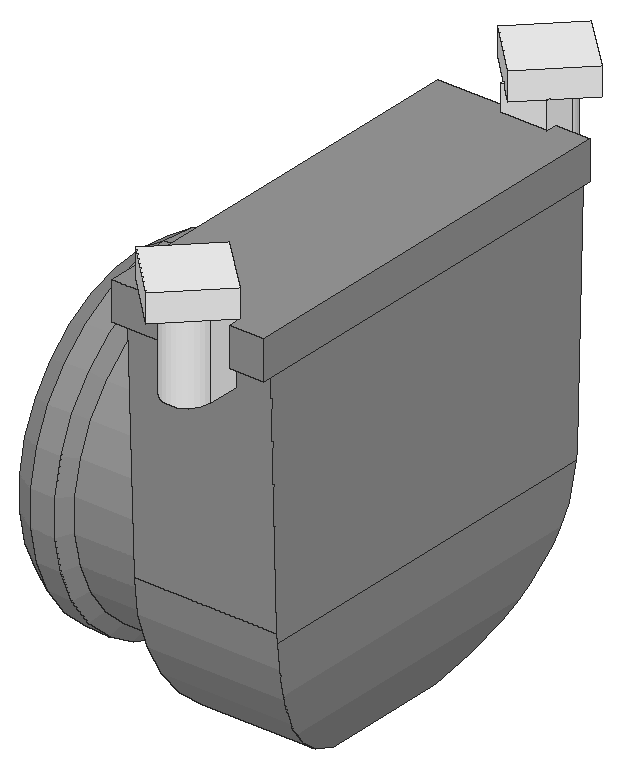
Revit family "HL_Затвор_HL712.0", category Příslušenství trubek, Revit 2016
Family settings
  Typ součásti = Zakončení
  Kóta kulaté spojky = Použít průměr
  Číslo OmniClass = 23.65.55.14.21
  Nadpis OmniClass = Non-Return Valves for Liquid Services
  Založené na pracovní rovině = Ne
  Vždy vertikální = Ano
  Ořezat dutým tvarem při načtení = Ne
  Sdílené = Ne
Parameters
  РАЗМЕР = "DN125"
  ПРОПУСКНАЯ СПОСОБНОСТЬ [instance] = 0.0 m³/h
  ПРАВОВАЯ ИНФОРМАЦИЯ = "\"Copyright (©), design rights or any other intellectual property rights, shall be the exclusive property of HL Hutterer & Lechner GmbH. Modification is not allowed. Family has been watermarked.\""
  ПАДЕНИЕ ДАВЛЕНИЯ [instance] = 0.0 Pa
  НОМИНАЛЬНЫЙ ДИАМЕТР = 125 mm
  МАТЕРИАЛ = "ABS"
  ВЫСОТА МОНТАЖА = "220 mm"
  ВЕС = "0,9 kg"
  Výrobce = "HL Hutterer & Lechner GmbH"
  URL = "http://www.hutterer-lechner.com/en/products/catalog/roof-drains/HL712.0.aspx"
  Description = "Anti flood valves"
  Model = "HL712.0"
  Type Comments = "anti-flood valve DN125 with stainless steel flap and socket for plastic pipes"
  Keynote = "HL712.0"
  EAN = "9003076971206"
  Cena = 0
Types (2, lengths in mm): name | ПРАВОВАЯ ИНФОРМАЦИЯ | URL | Description | Type Comments
  (no name) | "\"Copyright (©), design rights or any other intellectual property rights, shall be the exclusive property of HL Hutterer & Lechner GmbH. Modification is not allowed. Family has been watermarked.\"" | "http://www.hutterer-lechner.com/en/products/catalog/roof-drains/HL712.0.aspx" | "Anti flood valves" | "anti-flood valve DN125 with stainless steel flap and socket for plastic pipes"
  HL_Затвор_HL712.0 | "\"Авторские права(©), права на дизайн или какие либо другие права интелектуальной собственности являются исключительной собственностью компании HL Hutterer & Lechner. Изменению не подлежит. Файл семейства с данными о прозводителе изделия защищен паролем с водяным знаком.\"" | "http://www.hutterer-lechner.com/ru/products/catalog/roof-drains/HL712.0.aspx" | "Механический канализационный затвор" | "Затвор DN125 с заслонкой из нержавеющей стали и муфтой для труб из синтетического материала."
Reference planes
  plane 1 "Střed (vpředu/vzadu)": y = 0
  plane 2: z = 0
  plane 3 "Střed (vlevo/vpravo)": x = 0
Forms (mm)
  Sweep 1, solid, material "Plastic - Orange", detail levels fine
    path origin (4.086, 0, 113.4) x (-1, 0, 0) y (0, 0, 1)
      loop
        line (-62, -16.5) -> (0, -16.5)
    profile origin (35.086, 0, 96.9) x (0, 0, 1) y (0, 1, 0)
      loop
        line (0, 0) -> (0, 85.008) -> (-101.459, 81.465)
        arc (-101.459, 81.465) -> (-157.383, 56.646) -> (-180.506, 0) r 81.907
        arc (-180.506, 0) -> (-157.383, -56.646) -> (-101.459, -81.465) r 81.907
        line (-101.459, -81.465) -> (0, -85.008) -> (0, 0)
  Extrusion 2, void
    sketch origin (4.086, 0, 113.4) x (-1, 0, 0) y (0, 0, 1)
      loop
        arc (-43.754, -191.982) -> (-57.363, -158.164) -> (-62, -122.006) r 143.303
        line (-62, -122.006) -> (-62, -197.006) -> (-34.242, -197.006) -> (-34.242, -191.982) -> (-43.754, -191.982)
    from -110 to 110
  Revolve 3, solid, material "Plastic - Orange", detail levels fine
    sketch origin (4.086, 0, 113.4) x (-1, 0, 0) y (0, 0, 1)
      loop
        line (62, -113.4) -> (0, -113.4) -> (0, -180.634) -> (37.916, -180.634) -> (41.665, -186.633) -> (52.382, -186.071) -> (62, -180.061) -> (62, -113.4)
      axis (62, -113.4) -> (0, -113.4)
    angle from 0 to 360
  Extrusion 4, solid, material "Plastic - Orange", detail levels fine
    sketch origin (66.086, 0, 96.9) x (-1, 0, 0) y (0, -1, 0)
      loop
        line (0, 88.75) -> (0, -88.75) -> (66.086, -88.75) -> (66.086, 88.75) -> (0, 88.75)
    from 0 to 16.5
  Extrusion 5, solid, material "Plactic - White", detail levels fine
    sketch origin (94.75, 0, 113.4) x (-1, 0, 0) y (0, -1, 0)
      loop
        line (54, -121.127) -> (76.627, -98.5) -> (54, -75.873) -> (31.373, -98.5) -> (54, -121.127)
    from 11.235 to 23.235
  Extrusion 6, solid, material "Plactic - White", detail levels fine
    sketch origin (94.75, 0, 124.635) x (0, -1, 0) y (-1, 0, 0)
      loop
        arc (-98.5, 64) -> (-108.5, 54) -> (-98.5, 44) r 10
        line (-98.5, 44) -> (-84.694, 44) -> (-84.694, 64) -> (-98.5, 64)
    from 0 to 37.235
  Extrusion 7, solid, material "Plactic - White", detail levels fine
    sketch origin (94.75, 0, 113.4) x (-1, 0, 0) y (0, -1, 0)
      loop
        line (54, 121.127) -> (31.373, 98.5) -> (54, 75.873) -> (76.627, 98.5) -> (54, 121.127)
    from 11.235 to 23.235
  Extrusion 8, solid, material "Plactic - White", detail levels fine
    sketch origin (94.75, 0, 124.635) x (0, -1, 0) y (-1, 0, 0)
      loop
        line (98.5, 64) -> (84.694, 64) -> (84.694, 44) -> (98.5, 44)
        arc (98.5, 44) -> (108.5, 54) -> (98.5, 64) r 10
    from 0 to 37.235
Cuts and joins
  Extrusion 2 cuts Sweep 1
Lines and regions (mm)
  symbolic lines, style "Symbol", detail levels coarse+medium
    curve 1: line (0, -105, 0) -> (0, 105, 0)
    curve 2: circle (205, -0.5, 0) r 100 normal (0, 0, 1)
    curve 3: line (0, 0, 0) -> (105.001, 0, 0)
  model lines, style "Symbol", detail levels coarse+medium
    curve 4: line (0, 0, -105) -> (0, 0, 105)
    curve 5: line (0, 0, 0) -> (105, 0, 0)
    curve 6: circle (205, 0, 0) r 100 normal (0, -1, 0)
Dimensions and locks
  aligned and locked: level to plane 2
Connectors
  piping at (0, 0, 0), diameter 125, driven by "ПАДЕНИЕ ДАВЛЕНИЯ", driven by "НОМИНАЛЬНЫЙ ДИАМЕТР", driven by "ПРОПУСКНАЯ СПОСОБНОСТЬ"
    settings: on plane 3 "Střed (vlevo/vpravo)", index 1, connector inside diameter 609.6 mm, connector length 0 mm, flow factor 0, pipe flow 0.0 m³/h, pressure drop 0.0 Pa, fitting loss kfactor 0, connector angle 0.00°, fixture units 0, engagement length 0 mm, angle of deflection 0.00°, flow configuration 0, flow direction 0, fitting loss method 4, system type 16, joint type 0, gender type 0, connector reference index -1, connector utility 0, adjustable connector no, is connector primary yes, connector description ""
